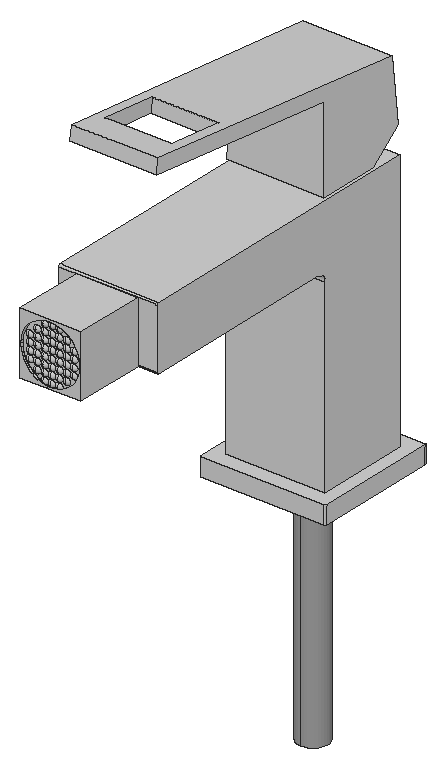
Revit family "Plumbing_Fixture-Grohe-Eurocube-Single_Pillar_Bidet_Mixer-12-METRIC", category Plumbing Fixtures, host Face, Revit 2012
Parameters (values of type "Eurocube_Bidet_Mixer-23138000")
  _distributed by = "www.bimstore.co.uk"
  _current revision = 1
  _created date = "September 2013"
  _created by = "Connor Laing"
  _BIMspec_GUID = 0
  Width = 34 mm  # constant formula
  Waste Connection = no
  WarrantyStartDate = ""
  WarrantyGuarantorParts = ""
  WarrantyGuarantorLabor = ""
  WarrantyDurationUnit = ""
  WarrantyDurationParts = ""
  WarrantyDurationLabor = ""
  WarrantyDuration = ""
  WarrantyDescription = ""
  Warranty Infomation = "N/A"
  WFU = 0
  Vent Connection = no
  Uniclass2 = ""
  URL = "www.grohe.com"
  Type Comments = "Pillar Tap, monobloc installation, metal lever, ceramic headpart"
  Test Pressure = "16 bar"
  Temp - Hot Water Supply (Recommended) = "60 deg C"
  Temp - Hot Water Supply = "max 80 deg C"
  TagNumber = 0
  Spare Parts List = "http://www.grohe.com/uk/5535/bathroom/tap-mixer/eurocube/product-details/?product=23138-G318&color=000&%7E%5Bajax%5D=2229"
  SerialNumber = 0
  ReplacementCost = ""
  Product Page URL = "http://www.grohe.com/uk/5535/bathroom/tap-mixer/eurocube/product-details/?product=23138-G318&color=000"
  Product Documentation Link = "http://cdn08.grohe.com/lib/1/tpi/1572474.pdf"
  Percentage of Recycled Content = 0
  Operating Pressure = "max 10 bar"
  Name = Model  # "Eurocube Bidet mixer 23138000"
  ModelNumber = Model  # "Eurocube Bidet mixer 23138000"
  Model = "Eurocube Bidet mixer 23138000"
  Mixed Water Radius = Connection Diameter / 2  # 5 mm
  Masterformat Title [instance] = "Residential Faucets, Supplies, and Trim"
  Masterformat Number [instance] = "22 41 39"
  Manufacturer = "Grohe AG"
  MaintenanceInformation = "http://cdn08.grohe.com/lib/1/tpi/1734224.pdf"
  Low Emitting Material = yes
  Length = 112 mm  # constant formula
  LEED Credit = ""
  Keynote = "N13"
  InstallationDate = ""
  Industry Standards = "N/A"
  Height = 139 mm  # constant formula
  HWFU = 4.5
  HW Connection = no
  Flow Rate = "5.4L/min"
  Flow Pressure = "min 1 bar/recommended 1-5bar"
  Faucet Material = Grohe-Chrome
  ExpectedLife = 0
  Ecojoy = no
  DurationUnit = ""
  Description = "For a sharp, tailored look in your bathroom choose Eurocube. Here is a design so cleverly engineered that we are able to offer an extensive choice featuring true square design for the basin, bidet, shower and bath. Across the range, cut-out detailing on the lever handles reduces the perceived volume of each piece, while highlighting the minimalist appeal of the collection. Perfectly aligned to the design needs of today’s cosmopolitan consumers, Eurocube offers cutting-edge, geometric styling at an unbeatable price. At the same time it benefits from two leading GROHE technologies: GROHE SilkMove® – for smooth and comfortable operation of single lever mixers and GROHE StarLight® – our resilient chrome finish."
  Default Elevation = 600 mm
  CreatedOn = ""
  CreatedBy = ""
  Cost = 0
  Contact Grohe = "GROHE Limited, World Business Centre 2, Newall Road, London Heathrow Airport, Hounslow, Middlesex, TW6 2SF - Tel: +44 (0) 871 200 3414 - Fax: +44 (0) 871 200 3415 - EMail: info-uk@grohe.com"
  Connection Diameter = 10 mm
  CWFU = 4.5
  CW Connection = no
  Barcode = 0
  AssetType = "Fixed"
  Assembly Code = "C1030220"
  AccessibilityPerformance = ""
  ADA Compliant = yes
Reference planes
  plane 1 "Center (Front/Back)": y = 0
  plane 2: z = 0
  plane 3 "Center (Left/Right)": x = 0
  plane 4: z = 0
  plane 5: z = -82.363
  plane 6: z = 139
  plane 7: z = 86
  plane 8: y = -112
Forms (mm)
  Extrusion 1, solid, material "Grohe-Chrome" <- "Faucet Material"
    sketch origin (-444.804, -4572, 0) x (-1, 0, 0) y (0, -1, 0)
      loop
        line (-465.804, -4593.5) -> (-423.804, -4593.5)
        arc (-423.804, -4593.5) -> (-423.451, -4593.354) -> (-423.304, -4593) r 0.5
        line (-423.304, -4593) -> (-423.304, -4551)
        arc (-423.304, -4551) -> (-423.451, -4550.646) -> (-423.804, -4550.5) r 0.5
        line (-423.804, -4550.5) -> (-465.804, -4550.5)
        arc (-465.804, -4550.5) -> (-466.158, -4550.646) -> (-466.304, -4551) r 0.5
        line (-466.304, -4551) -> (-466.304, -4593)
        arc (-466.304, -4593) -> (-466.158, -4593.354) -> (-465.804, -4593.5) r 0.5
    from 6 to 0
  Extrusion 2, solid, material "Grohe-Chrome" <- "Faucet Material", detail levels medium+fine
    sketch origin (0, 0, 0) x (0, 1, 0) y (0, 0, 1)
      loop
        line (16, 95.13) -> (-86.784, 95.13)
        arc (-86.784, 95.13) -> (-87.142, 94.982) -> (-87.29, 94.624) r 0.506
        line (-87.29, 94.624) -> (-87.29, 74.032)
        arc (-87.29, 74.032) -> (-87.137, 73.662) -> (-86.767, 73.508) r 0.523
        line (-86.767, 73.508) -> (-19.09, 73.508)
        arc (-19.09, 73.508) -> (-16.905, 72.603) -> (-16, 70.418) r 3.09
        line (-16, 70.418) -> (-16, 6) -> (16, 6) -> (16, 95.13)
    from 16.866 to -16.866
  Extrusion 3, solid, material "Grohe-Chrome"
    sketch origin (0, 0, 43.193) x (0, 1, 0) y (0, 0, 1)
      loop
        line (-85.115, 89.603) -> (-14.717, 81.138) -> (-16.134, 53.05) -> (4.768, 53.05) -> (15.774, 61.046) -> (14.65, 82.497) -> (-84.536, 94.422) -> (-85.115, 89.603)
    from 16.625 to -16.625
  Extrusion 4, void
    sketch origin (0, 0, 44.443) x (1, 0, 0) y (0, 0, 1)
      loop
        line (-16.625, 51.8) -> (-14.706, 93.425) -> (-16.625, 93.425) -> (-16.625, 51.8)
      loop
        line (16.625, 51.8) -> (16.625, 93.243) -> (14.715, 93.243) -> (16.625, 51.8)
    from 85.287 to -16
  Sweep 5, solid, material "Grohe-Pipework"
    path in 3D
      loop
        line (0, 0, 0) -> (0, 0, -82.363)
    profile origin (0, 0, -41.181) x (0, -1, 0) y (1, 0, 0)
      loop
        circle (0, 0) r 5
  Revolve 6, solid, material "Grohe-Chrome" <- "Faucet Material", detail levels medium+fine
    sketch origin (0, 0, -12.088) x (1, 0, 0) y (0, 0, 1)
      loop
        line (0, 114.899) -> (0, 107.13) -> (14.375, 107.13)
        arc (14.375, 107.13) -> (13.794, 111.179) -> (12.095, 114.899) r 14.375
        line (12.095, 114.899) -> (0, 114.899)
      axis (0, 114.899) -> (0, 107.13)
    angle from 0 to 360
  Extrusion 7, void
    sketch origin (0, 0, 0) x (0, 1, 0) y (0, 0, 1)
      loop
        line (-73.838, 142.62) -> (-75.761, 126.627) -> (-55.504, 124.191) -> (-53.581, 140.184) -> (-73.838, 142.62)
    from 11.431 to -11.431
  Extrusion 8, solid, material "Grohe-Chrome" <- "Faucet Material", detail levels medium+fine
    sketch origin (0, 0, 0) x (1, 0, 0) y (0, 0, 1)
      loop
        line (-10.404, 94.935) -> (-10.404, 73.798) -> (10.404, 73.798) -> (10.404, 94.935) -> (-10.404, 94.935)
    from 112 to 87.748
  Extrusion 9, void
    sketch origin (0, 0, 0) x (1, 0, 0) y (0, 0, 1)
      loop
        circle (0, 84.375) r 10.1
    from 112.565 to 111.315
  Revolve 10, solid, material "Grohe-Chrome", detail levels fine
    sketch origin (0, 0, -0.156) x (0, 1, 0) y (0, 0, 1)
      loop
        arc (-112, 93.333) -> (-111.632, 92.445) -> (-110.744, 92.077) r 1.256
        line (-110.744, 92.077) -> (-110.744, 93.333) -> (-112, 93.333)
      axis (-110.744, 93.333) -> (-112, 93.333)
    angle from 0 to 360
  Revolve 11, solid, material "Grohe-Chrome", detail levels fine
    sketch origin (0, 0, -2.815) x (0, 1, 0) y (0, 0, 1)
      loop
        arc (-112, 93.333) -> (-111.632, 92.445) -> (-110.744, 92.077) r 1.256
        line (-110.744, 92.077) -> (-110.744, 93.333) -> (-112, 93.333)
      axis (-110.744, 93.333) -> (-112, 93.333)
    angle from 0 to 360
  Revolve 12, solid, material "Grohe-Chrome", detail levels fine
    sketch origin (0, 0, -5.328) x (0, 1, 0) y (0, 0, 1)
      loop
        arc (-112, 93.333) -> (-111.632, 92.445) -> (-110.744, 92.077) r 1.256
        line (-110.744, 92.077) -> (-110.744, 93.333) -> (-112, 93.333)
      axis (-110.744, 93.333) -> (-112, 93.333)
    angle from 0 to 360
  Revolve 13, solid, material "Grohe-Chrome", detail levels fine
    sketch origin (0, 0, -7.841) x (0, 1, 0) y (0, 0, 1)
      loop
        arc (-112, 93.333) -> (-111.632, 92.445) -> (-110.744, 92.077) r 1.256
        line (-110.744, 92.077) -> (-110.744, 93.333) -> (-112, 93.333)
      axis (-110.744, 93.333) -> (-112, 93.333)
    angle from 0 to 360
  Revolve 14, solid, material "Grohe-Chrome", detail levels fine
    sketch origin (0, 0, -10.499) x (0, 1, 0) y (0, 0, 1)
      loop
        arc (-112, 93.333) -> (-111.632, 92.445) -> (-110.744, 92.077) r 1.256
        line (-110.744, 92.077) -> (-110.744, 93.333) -> (-112, 93.333)
      axis (-110.744, 93.333) -> (-112, 93.333)
    angle from 0 to 360
  Revolve 15, solid, material "Grohe-Chrome", detail levels fine
    sketch origin (0, 0, -13.012) x (0, 1, 0) y (0, 0, 1)
      loop
        arc (-112, 93.333) -> (-111.632, 92.445) -> (-110.744, 92.077) r 1.256
        line (-110.744, 92.077) -> (-110.744, 93.333) -> (-112, 93.333)
      axis (-110.744, 93.333) -> (-112, 93.333)
    angle from 0 to 360
  Revolve 16, solid, material "Grohe-Chrome", detail levels fine
    sketch origin (0, 0, -15.525) x (0, 1, 0) y (0, 0, 1)
      loop
        arc (-112, 93.333) -> (-111.632, 92.445) -> (-110.744, 92.077) r 1.256
        line (-110.744, 92.077) -> (-110.744, 93.333) -> (-112, 93.333)
      axis (-110.744, 93.333) -> (-112, 93.333)
    angle from 0 to 360
  Revolve 17, solid, material "Grohe-Chrome", detail levels fine
    sketch origin (0, 0, -18.038) x (0, 1, 0) y (0, 0, 1)
      loop
        arc (-112, 93.333) -> (-111.632, 92.445) -> (-110.744, 92.077) r 1.256
        line (-110.744, 92.077) -> (-110.744, 93.333) -> (-112, 93.333)
      axis (-110.744, 93.333) -> (-112, 93.333)
    angle from 0 to 360
  Revolve 18, solid, material "Grohe-Chrome", detail levels fine
    sketch origin (-2.513, 0, -10.499) x (0, 1, 0) y (0, 0, 1)
      loop
        arc (-112, 93.333) -> (-111.632, 92.445) -> (-110.744, 92.077) r 1.256
        line (-110.744, 92.077) -> (-110.744, 93.333) -> (-112, 93.333)
      axis (-110.744, 93.333) -> (-112, 93.333)
    angle from 0 to 360
  Revolve 19, solid, material "Grohe-Chrome", detail levels fine
    sketch origin (-2.513, 0, -13.012) x (0, 1, 0) y (0, 0, 1)
      loop
        arc (-112, 93.333) -> (-111.632, 92.445) -> (-110.744, 92.077) r 1.256
        line (-110.744, 92.077) -> (-110.744, 93.333) -> (-112, 93.333)
      axis (-110.744, 93.333) -> (-112, 93.333)
    angle from 0 to 360
  Revolve 20, solid, material "Grohe-Chrome", detail levels fine
    sketch origin (-2.513, 0, -15.525) x (0, 1, 0) y (0, 0, 1)
      loop
        arc (-112, 93.333) -> (-111.632, 92.445) -> (-110.744, 92.077) r 1.256
        line (-110.744, 92.077) -> (-110.744, 93.333) -> (-112, 93.333)
      axis (-110.744, 93.333) -> (-112, 93.333)
    angle from 0 to 360
  Revolve 21, solid, material "Grohe-Chrome", detail levels fine
    sketch origin (-5.026, 0, -10.499) x (0, 1, 0) y (0, 0, 1)
      loop
        arc (-112, 93.333) -> (-111.632, 92.445) -> (-110.744, 92.077) r 1.256
        line (-110.744, 92.077) -> (-110.744, 93.333) -> (-112, 93.333)
      axis (-110.744, 93.333) -> (-112, 93.333)
    angle from 0 to 360
  Revolve 22, solid, material "Grohe-Chrome", detail levels fine
    sketch origin (-5.026, 0, -13.012) x (0, 1, 0) y (0, 0, 1)
      loop
        arc (-112, 93.333) -> (-111.632, 92.445) -> (-110.744, 92.077) r 1.256
        line (-110.744, 92.077) -> (-110.744, 93.333) -> (-112, 93.333)
      axis (-110.744, 93.333) -> (-112, 93.333)
    angle from 0 to 360
  Revolve 23, solid, material "Grohe-Chrome", detail levels fine
    sketch origin (-5.026, 0, -15.525) x (0, 1, 0) y (0, 0, 1)
      loop
        arc (-112, 93.333) -> (-111.632, 92.445) -> (-110.744, 92.077) r 1.256
        line (-110.744, 92.077) -> (-110.744, 93.333) -> (-112, 93.333)
      axis (-110.744, 93.333) -> (-112, 93.333)
    angle from 0 to 360
  Revolve 24, solid, material "Grohe-Chrome", detail levels fine
    sketch origin (-7.539, 0, -7.986) x (0, 1, 0) y (0, 0, 1)
      loop
        arc (-112, 93.333) -> (-111.632, 92.445) -> (-110.744, 92.077) r 1.256
        line (-110.744, 92.077) -> (-110.744, 93.333) -> (-112, 93.333)
      axis (-110.744, 93.333) -> (-112, 93.333)
    angle from 0 to 360
  Revolve 25, solid, material "Grohe-Chrome", detail levels fine
    sketch origin (-7.539, 0, -10.499) x (0, 1, 0) y (0, 0, 1)
      loop
        arc (-112, 93.333) -> (-111.632, 92.445) -> (-110.744, 92.077) r 1.256
        line (-110.744, 92.077) -> (-110.744, 93.333) -> (-112, 93.333)
      axis (-110.744, 93.333) -> (-112, 93.333)
    angle from 0 to 360
  Revolve 26, solid, material "Grohe-Chrome", detail levels fine
    sketch origin (-7.539, 0, -13.012) x (0, 1, 0) y (0, 0, 1)
      loop
        arc (-112, 93.333) -> (-111.632, 92.445) -> (-110.744, 92.077) r 1.256
        line (-110.744, 92.077) -> (-110.744, 93.333) -> (-112, 93.333)
      axis (-110.744, 93.333) -> (-112, 93.333)
    angle from 0 to 360
  Revolve 27, solid, material "Grohe-Chrome", detail levels fine
    sketch origin (-5.026, 0, -2.96) x (0, 1, 0) y (0, 0, 1)
      loop
        arc (-112, 93.333) -> (-111.632, 92.445) -> (-110.744, 92.077) r 1.256
        line (-110.744, 92.077) -> (-110.744, 93.333) -> (-112, 93.333)
      axis (-110.744, 93.333) -> (-112, 93.333)
    angle from 0 to 360
  Revolve 28, solid, material "Grohe-Chrome", detail levels fine
    sketch origin (-5.026, 0, -5.473) x (0, 1, 0) y (0, 0, 1)
      loop
        arc (-112, 93.333) -> (-111.632, 92.445) -> (-110.744, 92.077) r 1.256
        line (-110.744, 92.077) -> (-110.744, 93.333) -> (-112, 93.333)
      axis (-110.744, 93.333) -> (-112, 93.333)
    angle from 0 to 360
  Revolve 29, solid, material "Grohe-Chrome", detail levels fine
    sketch origin (-5.026, 0, -7.986) x (0, 1, 0) y (0, 0, 1)
      loop
        arc (-112, 93.333) -> (-111.632, 92.445) -> (-110.744, 92.077) r 1.256
        line (-110.744, 92.077) -> (-110.744, 93.333) -> (-112, 93.333)
      axis (-110.744, 93.333) -> (-112, 93.333)
    angle from 0 to 360
  Revolve 30, solid, material "Grohe-Chrome", detail levels fine
    sketch origin (-2.513, 0, -2.96) x (0, 1, 0) y (0, 0, 1)
      loop
        arc (-112, 93.333) -> (-111.632, 92.445) -> (-110.744, 92.077) r 1.256
        line (-110.744, 92.077) -> (-110.744, 93.333) -> (-112, 93.333)
      axis (-110.744, 93.333) -> (-112, 93.333)
    angle from 0 to 360
  Revolve 31, solid, material "Grohe-Chrome", detail levels fine
    sketch origin (-2.513, 0, -5.473) x (0, 1, 0) y (0, 0, 1)
      loop
        arc (-112, 93.333) -> (-111.632, 92.445) -> (-110.744, 92.077) r 1.256
        line (-110.744, 92.077) -> (-110.744, 93.333) -> (-112, 93.333)
      axis (-110.744, 93.333) -> (-112, 93.333)
    angle from 0 to 360
  Revolve 32, solid, material "Grohe-Chrome", detail levels fine
    sketch origin (-2.513, 0, -7.986) x (0, 1, 0) y (0, 0, 1)
      loop
        arc (-112, 93.333) -> (-111.632, 92.445) -> (-110.744, 92.077) r 1.256
        line (-110.744, 92.077) -> (-110.744, 93.333) -> (-112, 93.333)
      axis (-110.744, 93.333) -> (-112, 93.333)
    angle from 0 to 360
  Revolve 33, solid, material "Grohe-Chrome", detail levels fine
    sketch origin (2.513, 0, -10.499) x (0, 1, 0) y (0, 0, 1)
      loop
        arc (-112, 93.333) -> (-111.632, 92.445) -> (-110.744, 92.077) r 1.256
        line (-110.744, 92.077) -> (-110.744, 93.333) -> (-112, 93.333)
      axis (-110.744, 93.333) -> (-112, 93.333)
    angle from 0 to 360
  Revolve 34, solid, material "Grohe-Chrome", detail levels fine
    sketch origin (2.513, 0, -13.012) x (0, 1, 0) y (0, 0, 1)
      loop
        arc (-112, 93.333) -> (-111.632, 92.445) -> (-110.744, 92.077) r 1.256
        line (-110.744, 92.077) -> (-110.744, 93.333) -> (-112, 93.333)
      axis (-110.744, 93.333) -> (-112, 93.333)
    angle from 0 to 360
  Revolve 35, solid, material "Grohe-Chrome", detail levels fine
    sketch origin (2.513, 0, -15.525) x (0, 1, 0) y (0, 0, 1)
      loop
        arc (-112, 93.333) -> (-111.632, 92.445) -> (-110.744, 92.077) r 1.256
        line (-110.744, 92.077) -> (-110.744, 93.333) -> (-112, 93.333)
      axis (-110.744, 93.333) -> (-112, 93.333)
    angle from 0 to 360
  Revolve 36, solid, material "Grohe-Chrome", detail levels fine
    sketch origin (5.026, 0, -10.499) x (0, 1, 0) y (0, 0, 1)
      loop
        arc (-112, 93.333) -> (-111.632, 92.445) -> (-110.744, 92.077) r 1.256
        line (-110.744, 92.077) -> (-110.744, 93.333) -> (-112, 93.333)
      axis (-110.744, 93.333) -> (-112, 93.333)
    angle from 0 to 360
  Revolve 37, solid, material "Grohe-Chrome", detail levels fine
    sketch origin (5.026, 0, -13.012) x (0, 1, 0) y (0, 0, 1)
      loop
        arc (-112, 93.333) -> (-111.632, 92.445) -> (-110.744, 92.077) r 1.256
        line (-110.744, 92.077) -> (-110.744, 93.333) -> (-112, 93.333)
      axis (-110.744, 93.333) -> (-112, 93.333)
    angle from 0 to 360
  Revolve 38, solid, material "Grohe-Chrome", detail levels fine
    sketch origin (5.026, 0, -15.525) x (0, 1, 0) y (0, 0, 1)
      loop
        arc (-112, 93.333) -> (-111.632, 92.445) -> (-110.744, 92.077) r 1.256
        line (-110.744, 92.077) -> (-110.744, 93.333) -> (-112, 93.333)
      axis (-110.744, 93.333) -> (-112, 93.333)
    angle from 0 to 360
  Revolve 39, solid, material "Grohe-Chrome", detail levels fine
    sketch origin (7.539, 0, -7.986) x (0, 1, 0) y (0, 0, 1)
      loop
        arc (-112, 93.333) -> (-111.632, 92.445) -> (-110.744, 92.077) r 1.256
        line (-110.744, 92.077) -> (-110.744, 93.333) -> (-112, 93.333)
      axis (-110.744, 93.333) -> (-112, 93.333)
    angle from 0 to 360
  Revolve 40, solid, material "Grohe-Chrome", detail levels fine
    sketch origin (7.539, 0, -10.499) x (0, 1, 0) y (0, 0, 1)
      loop
        arc (-112, 93.333) -> (-111.632, 92.445) -> (-110.744, 92.077) r 1.256
        line (-110.744, 92.077) -> (-110.744, 93.333) -> (-112, 93.333)
      axis (-110.744, 93.333) -> (-112, 93.333)
    angle from 0 to 360
  Revolve 41, solid, material "Grohe-Chrome", detail levels fine
    sketch origin (7.539, 0, -13.012) x (0, 1, 0) y (0, 0, 1)
      loop
        arc (-112, 93.333) -> (-111.632, 92.445) -> (-110.744, 92.077) r 1.256
        line (-110.744, 92.077) -> (-110.744, 93.333) -> (-112, 93.333)
      axis (-110.744, 93.333) -> (-112, 93.333)
    angle from 0 to 360
  Revolve 42, solid, material "Grohe-Chrome", detail levels fine
    sketch origin (5.026, 0, -2.973) x (0, 1, 0) y (0, 0, 1)
      loop
        arc (-112, 93.333) -> (-111.632, 92.445) -> (-110.744, 92.077) r 1.256
        line (-110.744, 92.077) -> (-110.744, 93.333) -> (-112, 93.333)
      axis (-110.744, 93.333) -> (-112, 93.333)
    angle from 0 to 360
  Revolve 43, solid, material "Grohe-Chrome", detail levels fine
    sketch origin (5.026, 0, -5.486) x (0, 1, 0) y (0, 0, 1)
      loop
        arc (-112, 93.333) -> (-111.632, 92.445) -> (-110.744, 92.077) r 1.256
        line (-110.744, 92.077) -> (-110.744, 93.333) -> (-112, 93.333)
      axis (-110.744, 93.333) -> (-112, 93.333)
    angle from 0 to 360
  Revolve 44, solid, material "Grohe-Chrome", detail levels fine
    sketch origin (5.026, 0, -7.999) x (0, 1, 0) y (0, 0, 1)
      loop
        arc (-112, 93.333) -> (-111.632, 92.445) -> (-110.744, 92.077) r 1.256
        line (-110.744, 92.077) -> (-110.744, 93.333) -> (-112, 93.333)
      axis (-110.744, 93.333) -> (-112, 93.333)
    angle from 0 to 360
  Revolve 45, solid, material "Grohe-Chrome", detail levels fine
    sketch origin (2.513, 0, -2.973) x (0, 1, 0) y (0, 0, 1)
      loop
        arc (-112, 93.333) -> (-111.632, 92.445) -> (-110.744, 92.077) r 1.256
        line (-110.744, 92.077) -> (-110.744, 93.333) -> (-112, 93.333)
      axis (-110.744, 93.333) -> (-112, 93.333)
    angle from 0 to 360
  Revolve 46, solid, material "Grohe-Chrome", detail levels fine
    sketch origin (2.513, 0, -5.486) x (0, 1, 0) y (0, 0, 1)
      loop
        arc (-112, 93.333) -> (-111.632, 92.445) -> (-110.744, 92.077) r 1.256
        line (-110.744, 92.077) -> (-110.744, 93.333) -> (-112, 93.333)
      axis (-110.744, 93.333) -> (-112, 93.333)
    angle from 0 to 360
  Revolve 47, solid, material "Grohe-Chrome", detail levels fine
    sketch origin (2.513, 0, -7.999) x (0, 1, 0) y (0, 0, 1)
      loop
        arc (-112, 93.333) -> (-111.632, 92.445) -> (-110.744, 92.077) r 1.256
        line (-110.744, 92.077) -> (-110.744, 93.333) -> (-112, 93.333)
      axis (-110.744, 93.333) -> (-112, 93.333)
    angle from 0 to 360
  Revolve 48, solid, material "Grohe-Chrome", detail levels fine
    sketch origin (-7.539, 0, -5.473) x (0, 1, 0) y (0, 0, 1)
      loop
        arc (-112, 93.333) -> (-111.632, 92.445) -> (-110.744, 92.077) r 1.256
        line (-110.744, 92.077) -> (-110.744, 93.333) -> (-112, 93.333)
      axis (-110.744, 93.333) -> (-112, 93.333)
    angle from 0 to 360
  Revolve 49, solid, material "Grohe-Chrome", detail levels fine
    sketch origin (7.539, 0, -5.486) x (0, 1, 0) y (0, 0, 1)
      loop
        arc (-112, 93.333) -> (-111.632, 92.445) -> (-110.744, 92.077) r 1.256
        line (-110.744, 92.077) -> (-110.744, 93.333) -> (-112, 93.333)
      axis (-110.744, 93.333) -> (-112, 93.333)
    angle from 0 to 360
  Revolve 50, solid, material "Grohe-Chrome", detail levels fine
    sketch origin (-2.513, 0, -0.447) x (0, 1, 0) y (0, 0, 1)
      loop
        arc (-112, 93.333) -> (-111.632, 92.445) -> (-110.744, 92.077) r 1.256
        line (-110.744, 92.077) -> (-110.744, 93.333) -> (-112, 93.333)
      axis (-110.744, 93.333) -> (-112, 93.333)
    angle from 0 to 360
  Revolve 51, solid, material "Grohe-Chrome", detail levels fine
    sketch origin (-2.513, 0, -18.038) x (0, 1, 0) y (0, 0, 1)
      loop
        arc (-112, 93.333) -> (-111.632, 92.445) -> (-110.744, 92.077) r 1.256
        line (-110.744, 92.077) -> (-110.744, 93.333) -> (-112, 93.333)
      axis (-110.744, 93.333) -> (-112, 93.333)
    angle from 0 to 360
  Revolve 52, solid, material "Grohe-Chrome", detail levels fine
    sketch origin (2.513, 0, -18.038) x (0, 1, 0) y (0, 0, 1)
      loop
        arc (-112, 93.333) -> (-111.632, 92.445) -> (-110.744, 92.077) r 1.256
        line (-110.744, 92.077) -> (-110.744, 93.333) -> (-112, 93.333)
      axis (-110.744, 93.333) -> (-112, 93.333)
    angle from 0 to 360
  Revolve 53, solid, material "Grohe-Chrome", detail levels fine
    sketch origin (2.513, 0, -0.429) x (0, 1, 0) y (0, 0, 1)
      loop
        arc (-112, 93.333) -> (-111.632, 92.445) -> (-110.744, 92.077) r 1.256
        line (-110.744, 92.077) -> (-110.744, 93.333) -> (-112, 93.333)
      axis (-110.744, 93.333) -> (-112, 93.333)
    angle from 0 to 360
  Revolve 54, solid, material "Grohe-Chrome" <- "Faucet Material", detail levels medium+fine
    sketch origin (0, 0, 0) x (0, 1, 0) y (0, 0, 1)
      loop
        line (-82.748, 86) -> (-82.748, 91) -> (-93.575, 91) -> (-93.575, 86) -> (-82.748, 86)
      axis (-82.748, 86) -> (-93.575, 86)
    angle from 0 to 360
Cuts and joins
  Extrusion 9 cuts Extrusion 2
  Extrusion 9 cuts Revolve 6
  Extrusion 9 cuts Extrusion 8
  joined: Extrusion 2, Revolve 6, Extrusion 8, Revolve 54
  Extrusion 4, Extrusion 7 cuts Extrusion 3
Lines and regions (mm)
  reference lines
    curve 1: line (0, 0, 0) -> (0, 0, -82.363)
  symbolic lines, style "PlumbingFixturesHiddenLines"
    curve 2: line (0, 60, 153.7) -> (0, -60, 153.7)
    curve 3: line (-63.338, 0, 153.7) -> (63.338, 0, 153.7)
  sketch lines
    curve 4: line (0, 0, 0) -> (0, 0, -82.363)
Dimensions and locks
  level to plane 5 = 82.363 mm
  plane 6 to host face = 139 mm
  plane 7 to host face = 86 mm
  plane 1 "Center (Front/Back)" to plane 8 = 112 mm
  equal spacing: Extrusion 8 sketch curve, plane 3 "Center (Left/Right)", Extrusion 8 sketch curve
  "Mixed Water Radius": radius of Sweep 5 sketch curve
  aligned and locked: plane 2 to host face
  aligned and locked: level to host face
  aligned and locked: plane 5 to curve 1
  aligned and locked: curve 1 to plane 3 "Center (Left/Right)"
  aligned and locked: plane 8 to Extrusion 8
Automatic sketch dimensions
  host sketch curve to host sketch curve = 2438.4 mm  (x2)
  curve 2 to plane 3 "Center (Left/Right)" = 0 mm
  plane 1 "Center (Front/Back)" to curve 3 = 0 mm
  curve 2 to plane 8 = 52 mm
  curve 2 to plane 1 "Center (Front/Back)" = 60 mm
  plane 3 "Center (Left/Right)" to curve 3 = 63.338 mm
  curve 3 to plane 3 "Center (Left/Right)" = 63.338 mm
  curve 1 to level = 0 mm
  plane 3 "Center (Left/Right)" to Extrusion 1 sketch curve = 21.5 mm
  Extrusion 1 sketch curve to Extrusion 1 sketch curve = 0.5 mm  (x3)
  Extrusion 1 sketch curve to plane 3 "Center (Left/Right)" = 21 mm  (x2)
  Extrusion 1 sketch curve to plane 1 "Center (Front/Back)" = 21.5 mm
  plane 1 "Center (Front/Back)" to Extrusion 1 sketch curve = 21 mm
  Extrusion 2 sketch curve to plane 8 = 24.71 mm
  Extrusion 2 sketch curve to Extrusion 2 sketch curve = 0.506 mm
  Extrusion 2 sketch curve to Extrusion 2 sketch curve = 0.523 mm
  plane 1 "Center (Front/Back)" to Extrusion 2 sketch curve = 19.09 mm
  level to Extrusion 2 sketch curve = 6 mm
  plane 1 "Center (Front/Back)" to Extrusion 2 sketch curve = 16 mm
  Extrusion 2 sketch curve to plane 1 "Center (Front/Back)" = 16 mm
  Extrusion 2 sketch curve to plane 7 = 15.582 mm
  plane 7 to Extrusion 2 sketch curve = 8.624 mm
  Extrusion 3 sketch curve to plane 6 = 6.204 mm
  Extrusion 3 sketch curve to plane 8 = 26.885 mm
  Extrusion 3 sketch curve to plane 6 = 1.384 mm
  Extrusion 3 sketch curve to Extrusion 3 sketch curve = 0.58 mm
  plane 1 "Center (Front/Back)" to Extrusion 3 sketch curve = 16.134 mm
  Extrusion 3 sketch curve to plane 6 = 14.668 mm
  Extrusion 3 sketch curve to plane 1 "Center (Front/Back)" = 4.768 mm
  Extrusion 3 sketch curve to plane 6 = 13.31 mm
  Extrusion 3 sketch curve to Extrusion 3 sketch curve = 11.006 mm
  plane 7 to Extrusion 3 sketch curve = 18.24 mm
  plane 7 to Extrusion 3 sketch curve = 10.243 mm
  Extrusion 4 sketch curve to plane 3 "Center (Left/Right)" = 16.625 mm
  Extrusion 4 sketch curve to plane 6 = 1.132 mm
  Extrusion 4 sketch curve to Extrusion 4 sketch curve = 1.919 mm
  Extrusion 4 sketch curve to plane 6 = 1.314 mm
  plane 3 "Center (Left/Right)" to Extrusion 4 sketch curve = 14.715 mm
  plane 3 "Center (Left/Right)" to Extrusion 4 sketch curve = 16.625 mm
  plane 7 to Extrusion 4 sketch curve = 10.243 mm  (x2)
  Sweep 5 sketch curve to profile plane = 0 mm
  profile plane to Sweep 5 sketch curve = 0 mm
  Revolve 6 sketch curve to plane 3 "Center (Left/Right)" = 0 mm  (x3)
  plane 3 "Center (Left/Right)" to Revolve 6 sketch curve = 12.095 mm
  Revolve 6 sketch curve to Revolve 6 sketch curve = 2.28 mm
  Revolve 6 sketch curve to plane 5 = 539.325 mm
  plane 7 to Revolve 6 sketch curve = 9.042 mm
  plane 6 to Revolve 6 sketch curve = 2439.97 mm
  Extrusion 7 sketch curve to plane 6 = 12.373 mm
  Extrusion 7 sketch curve to plane 8 = 36.239 mm
  plane 6 to Extrusion 7 sketch curve = 3.62 mm
  Extrusion 7 sketch curve to Extrusion 7 sketch curve = 1.923 mm
  Extrusion 7 sketch curve to plane 6 = 14.809 mm
  Extrusion 8 sketch curve to plane 3 "Center (Left/Right)" = 10.404 mm
  Extrusion 8 sketch curve to plane 7 = 12.202 mm
  plane 7 to Extrusion 8 sketch curve = 8.935 mm
  Extrusion 9 sketch curve to plane 3 "Center (Left/Right)" = 0 mm
  Extrusion 9 sketch curve to plane 7 = 1.625 mm
  Revolve 10 sketch curve to plane 8 = 0 mm
  plane 8 to Revolve 10 sketch curve = 0.843 mm
  Revolve 10 sketch curve to plane 8 = 1.256 mm
  Revolve 10 sketch curve to Revolve 10 sketch curve = 0.649 mm
  plane 7 to Revolve 10 sketch curve = 5.921 mm
  Revolve 10 sketch curve to Revolve 10 sketch curve = 0 mm
  Revolve 11 sketch curve to plane 8 = 0 mm
  Revolve 11 sketch curve to Revolve 11 sketch curve = 0.843 mm
  Revolve 11 sketch curve to plane 8 = 1.256 mm
  Revolve 11 sketch curve to Revolve 11 sketch curve = 0.649 mm
  plane 7 to Revolve 11 sketch curve = 3.262 mm
  Revolve 11 sketch curve to Revolve 11 sketch curve = 0 mm
  Revolve 12 sketch curve to plane 8 = 0 mm
  Revolve 12 sketch curve to Revolve 12 sketch curve = 0.843 mm
  Revolve 12 sketch curve to plane 8 = 1.256 mm
  Revolve 12 sketch curve to Revolve 12 sketch curve = 0.649 mm
  plane 7 to Revolve 12 sketch curve = 0.749 mm
  Revolve 12 sketch curve to Revolve 12 sketch curve = 0 mm
  Revolve 13 sketch curve to plane 8 = 0 mm
  plane 8 to Revolve 13 sketch curve = 0.843 mm
  Revolve 13 sketch curve to plane 8 = 1.256 mm
  Revolve 13 sketch curve to Revolve 13 sketch curve = 0.649 mm
  Revolve 13 sketch curve to plane 7 = 1.764 mm
  Revolve 13 sketch curve to plane 7 = 0.507 mm
  Revolve 14 sketch curve to plane 8 = 0 mm
  plane 8 to Revolve 14 sketch curve = 0.843 mm
  Revolve 14 sketch curve to plane 8 = 1.256 mm
  Revolve 14 sketch curve to Revolve 14 sketch curve = 0.649 mm
  Revolve 14 sketch curve to plane 7 = 4.422 mm
  Revolve 14 sketch curve to Revolve 14 sketch curve = 0 mm
  Revolve 15 sketch curve to plane 8 = 0 mm
  plane 8 to Revolve 15 sketch curve = 0.843 mm
  Revolve 15 sketch curve to plane 8 = 1.256 mm
  Revolve 15 sketch curve to Revolve 15 sketch curve = 0.649 mm
  Revolve 15 sketch curve to plane 7 = 6.935 mm
  Revolve 15 sketch curve to Revolve 15 sketch curve = 0 mm
  Revolve 16 sketch curve to plane 8 = 0 mm
  Revolve 16 sketch curve to Revolve 16 sketch curve = 0.843 mm
  Revolve 16 sketch curve to plane 8 = 1.256 mm
  Revolve 16 sketch curve to Revolve 16 sketch curve = 0.649 mm
  Revolve 16 sketch curve to plane 7 = 9.448 mm
  Revolve 16 sketch curve to Revolve 16 sketch curve = 0 mm
  Revolve 17 sketch curve to plane 8 = 0 mm
  Revolve 17 sketch curve to Revolve 17 sketch curve = 0.843 mm
  Revolve 17 sketch curve to plane 8 = 1.256 mm
  Revolve 17 sketch curve to Revolve 17 sketch curve = 0.649 mm
  Revolve 17 sketch curve to plane 7 = 11.961 mm
  Revolve 17 sketch curve to Revolve 17 sketch curve = 0 mm
  Revolve 18 sketch curve to plane 8 = 0 mm
  plane 8 to Revolve 18 sketch curve = 0.843 mm
  Revolve 18 sketch curve to plane 8 = 1.256 mm
  Revolve 18 sketch curve to Revolve 18 sketch curve = 0.649 mm
  Revolve 18 sketch curve to plane 7 = 4.422 mm
  Revolve 18 sketch curve to Revolve 18 sketch curve = 0 mm
  Revolve 19 sketch curve to plane 8 = 0 mm
  plane 8 to Revolve 19 sketch curve = 0.843 mm
  Revolve 19 sketch curve to plane 8 = 1.256 mm
  Revolve 19 sketch curve to Revolve 19 sketch curve = 0.649 mm
  Revolve 19 sketch curve to plane 7 = 6.935 mm
  Revolve 19 sketch curve to Revolve 19 sketch curve = 0 mm
  Revolve 20 sketch curve to plane 8 = 0 mm
  Revolve 20 sketch curve to Revolve 20 sketch curve = 0.843 mm
  Revolve 20 sketch curve to plane 8 = 1.256 mm
  Revolve 20 sketch curve to Revolve 20 sketch curve = 0.649 mm
  Revolve 20 sketch curve to plane 7 = 9.448 mm
  Revolve 20 sketch curve to Revolve 20 sketch curve = 0 mm
  Revolve 21 sketch curve to plane 8 = 0 mm
  plane 8 to Revolve 21 sketch curve = 0.843 mm
  Revolve 21 sketch curve to plane 8 = 1.256 mm
  Revolve 21 sketch curve to Revolve 21 sketch curve = 0.649 mm
  Revolve 21 sketch curve to plane 7 = 4.422 mm
  Revolve 21 sketch curve to Revolve 21 sketch curve = 0 mm
  Revolve 22 sketch curve to plane 8 = 0 mm
  plane 8 to Revolve 22 sketch curve = 0.843 mm
  Revolve 22 sketch curve to plane 8 = 1.256 mm
  Revolve 22 sketch curve to Revolve 22 sketch curve = 0.649 mm
  Revolve 22 sketch curve to plane 7 = 6.935 mm
  Revolve 22 sketch curve to Revolve 22 sketch curve = 0 mm
  Revolve 23 sketch curve to plane 8 = 0 mm
  Revolve 23 sketch curve to Revolve 23 sketch curve = 0.843 mm
  Revolve 23 sketch curve to plane 8 = 1.256 mm
  Revolve 23 sketch curve to Revolve 23 sketch curve = 0.649 mm
  Revolve 23 sketch curve to plane 7 = 9.448 mm
  Revolve 23 sketch curve to Revolve 23 sketch curve = 0 mm
  Revolve 24 sketch curve to plane 8 = 0 mm
  plane 8 to Revolve 24 sketch curve = 0.843 mm
  Revolve 24 sketch curve to plane 8 = 1.256 mm
  Revolve 24 sketch curve to Revolve 24 sketch curve = 0.649 mm
  Revolve 24 sketch curve to plane 7 = 1.909 mm
  Revolve 24 sketch curve to plane 7 = 0.653 mm
  Revolve 25 sketch curve to plane 8 = 0 mm
  plane 8 to Revolve 25 sketch curve = 0.843 mm
  Revolve 25 sketch curve to plane 8 = 1.256 mm
  Revolve 25 sketch curve to Revolve 25 sketch curve = 0.649 mm
  Revolve 25 sketch curve to plane 7 = 4.422 mm
  Revolve 25 sketch curve to Revolve 25 sketch curve = 0 mm
  Revolve 26 sketch curve to plane 8 = 0 mm
  plane 8 to Revolve 26 sketch curve = 0.843 mm
  Revolve 26 sketch curve to plane 8 = 1.256 mm
  Revolve 26 sketch curve to Revolve 26 sketch curve = 0.649 mm
  Revolve 26 sketch curve to plane 7 = 6.935 mm
  Revolve 26 sketch curve to Revolve 26 sketch curve = 0 mm
  Revolve 27 sketch curve to plane 8 = 0 mm
  plane 8 to Revolve 27 sketch curve = 0.843 mm
  Revolve 27 sketch curve to plane 8 = 1.256 mm
  Revolve 27 sketch curve to Revolve 27 sketch curve = 0.649 mm
  plane 7 to Revolve 27 sketch curve = 3.117 mm
  Revolve 27 sketch curve to Revolve 27 sketch curve = 0 mm
  Revolve 28 sketch curve to plane 8 = 0 mm
  plane 8 to Revolve 28 sketch curve = 0.843 mm
  plane 7 to Revolve 28 sketch curve = 0.604 mm
  Revolve 28 sketch curve to plane 8 = 1.256 mm
  Revolve 28 sketch curve to Revolve 28 sketch curve = 0.649 mm
  Revolve 28 sketch curve to Revolve 28 sketch curve = 0 mm
  Revolve 29 sketch curve to plane 8 = 0 mm
  plane 8 to Revolve 29 sketch curve = 0.843 mm
  Revolve 29 sketch curve to plane 8 = 1.256 mm
  Revolve 29 sketch curve to Revolve 29 sketch curve = 0.649 mm
  Revolve 29 sketch curve to plane 7 = 1.909 mm
  Revolve 29 sketch curve to plane 7 = 0.653 mm
  Revolve 30 sketch curve to plane 8 = 0 mm
  plane 8 to Revolve 30 sketch curve = 0.843 mm
  Revolve 30 sketch curve to plane 8 = 1.256 mm
  Revolve 30 sketch curve to Revolve 30 sketch curve = 0.649 mm
  plane 7 to Revolve 30 sketch curve = 3.117 mm
  Revolve 30 sketch curve to Revolve 30 sketch curve = 0 mm
  Revolve 31 sketch curve to plane 8 = 0 mm
  plane 8 to Revolve 31 sketch curve = 0.843 mm
  plane 7 to Revolve 31 sketch curve = 0.604 mm
  Revolve 31 sketch curve to plane 8 = 1.256 mm
  Revolve 31 sketch curve to Revolve 31 sketch curve = 0.649 mm
  Revolve 31 sketch curve to Revolve 31 sketch curve = 0 mm
  Revolve 32 sketch curve to plane 8 = 0 mm
  plane 8 to Revolve 32 sketch curve = 0.843 mm
  Revolve 32 sketch curve to plane 8 = 1.256 mm
  Revolve 32 sketch curve to Revolve 32 sketch curve = 0.649 mm
  Revolve 32 sketch curve to plane 7 = 1.909 mm
  Revolve 32 sketch curve to plane 7 = 0.653 mm
  Revolve 33 sketch curve to plane 8 = 0 mm
  plane 8 to Revolve 33 sketch curve = 0.843 mm
  Revolve 33 sketch curve to plane 8 = 1.256 mm
  Revolve 33 sketch curve to Revolve 33 sketch curve = 0.649 mm
  Revolve 33 sketch curve to plane 7 = 4.422 mm
  Revolve 33 sketch curve to Revolve 33 sketch curve = 0 mm
  Revolve 34 sketch curve to plane 8 = 0 mm
  plane 8 to Revolve 34 sketch curve = 0.843 mm
  Revolve 34 sketch curve to plane 8 = 1.256 mm
  Revolve 34 sketch curve to Revolve 34 sketch curve = 0.649 mm
  Revolve 34 sketch curve to plane 7 = 6.935 mm
  Revolve 34 sketch curve to Revolve 34 sketch curve = 0 mm
  Revolve 35 sketch curve to plane 8 = 0 mm
  Revolve 35 sketch curve to Revolve 35 sketch curve = 0.843 mm
  Revolve 35 sketch curve to plane 8 = 1.256 mm
  Revolve 35 sketch curve to Revolve 35 sketch curve = 0.649 mm
  Revolve 35 sketch curve to plane 7 = 9.448 mm
  Revolve 35 sketch curve to Revolve 35 sketch curve = 0 mm
  Revolve 36 sketch curve to plane 8 = 0 mm
  plane 8 to Revolve 36 sketch curve = 0.843 mm
  Revolve 36 sketch curve to plane 8 = 1.256 mm
  Revolve 36 sketch curve to Revolve 36 sketch curve = 0.649 mm
  Revolve 36 sketch curve to plane 7 = 4.422 mm
  Revolve 36 sketch curve to Revolve 36 sketch curve = 0 mm
  Revolve 37 sketch curve to plane 8 = 0 mm
  plane 8 to Revolve 37 sketch curve = 0.843 mm
  Revolve 37 sketch curve to plane 8 = 1.256 mm
  Revolve 37 sketch curve to Revolve 37 sketch curve = 0.649 mm
  Revolve 37 sketch curve to plane 7 = 6.935 mm
  Revolve 37 sketch curve to Revolve 37 sketch curve = 0 mm
  Revolve 38 sketch curve to plane 8 = 0 mm
  Revolve 38 sketch curve to Revolve 38 sketch curve = 0.843 mm
  Revolve 38 sketch curve to plane 8 = 1.256 mm
  Revolve 38 sketch curve to Revolve 38 sketch curve = 0.649 mm
  Revolve 38 sketch curve to plane 7 = 9.448 mm
  Revolve 38 sketch curve to Revolve 38 sketch curve = 0 mm
  Revolve 39 sketch curve to plane 8 = 0 mm
  plane 8 to Revolve 39 sketch curve = 0.843 mm
  Revolve 39 sketch curve to plane 8 = 1.256 mm
  Revolve 39 sketch curve to Revolve 39 sketch curve = 0.649 mm
  Revolve 39 sketch curve to plane 7 = 1.909 mm
  Revolve 39 sketch curve to plane 7 = 0.653 mm
  Revolve 40 sketch curve to plane 8 = 0 mm
  plane 8 to Revolve 40 sketch curve = 0.843 mm
  Revolve 40 sketch curve to plane 8 = 1.256 mm
  Revolve 40 sketch curve to Revolve 40 sketch curve = 0.649 mm
  Revolve 40 sketch curve to plane 7 = 4.422 mm
  Revolve 40 sketch curve to Revolve 40 sketch curve = 0 mm
  Revolve 41 sketch curve to plane 8 = 0 mm
  plane 8 to Revolve 41 sketch curve = 0.843 mm
  Revolve 41 sketch curve to plane 8 = 1.256 mm
  Revolve 41 sketch curve to Revolve 41 sketch curve = 0.649 mm
  Revolve 41 sketch curve to plane 7 = 6.935 mm
  Revolve 41 sketch curve to Revolve 41 sketch curve = 0 mm
  Revolve 42 sketch curve to plane 8 = 0 mm
  plane 8 to Revolve 42 sketch curve = 0.843 mm
  Revolve 42 sketch curve to plane 8 = 1.256 mm
  Revolve 42 sketch curve to Revolve 42 sketch curve = 0.649 mm
  plane 7 to Revolve 42 sketch curve = 3.104 mm
  Revolve 42 sketch curve to Revolve 42 sketch curve = 0 mm
  Revolve 43 sketch curve to plane 8 = 0 mm
  plane 8 to Revolve 43 sketch curve = 0.843 mm
  plane 7 to Revolve 43 sketch curve = 0.591 mm
  Revolve 43 sketch curve to plane 8 = 1.256 mm
  Revolve 43 sketch curve to Revolve 43 sketch curve = 0.649 mm
  Revolve 43 sketch curve to Revolve 43 sketch curve = 0 mm
  Revolve 44 sketch curve to plane 8 = 0 mm
  plane 8 to Revolve 44 sketch curve = 0.843 mm
  Revolve 44 sketch curve to plane 8 = 1.256 mm
  Revolve 44 sketch curve to Revolve 44 sketch curve = 0.649 mm
  Revolve 44 sketch curve to plane 7 = 1.922 mm
  Revolve 44 sketch curve to plane 7 = 0.666 mm
  Revolve 45 sketch curve to plane 8 = 0 mm
  plane 8 to Revolve 45 sketch curve = 0.843 mm
  Revolve 45 sketch curve to plane 8 = 1.256 mm
  Revolve 45 sketch curve to Revolve 45 sketch curve = 0.649 mm
  plane 7 to Revolve 45 sketch curve = 3.104 mm
  Revolve 45 sketch curve to Revolve 45 sketch curve = 0 mm
  Revolve 46 sketch curve to plane 8 = 0 mm
  plane 8 to Revolve 46 sketch curve = 0.843 mm
  plane 7 to Revolve 46 sketch curve = 0.591 mm
  Revolve 46 sketch curve to plane 8 = 1.256 mm
  Revolve 46 sketch curve to Revolve 46 sketch curve = 0.649 mm
  Revolve 46 sketch curve to Revolve 46 sketch curve = 0 mm
  Revolve 47 sketch curve to plane 8 = 0 mm
  plane 8 to Revolve 47 sketch curve = 0.843 mm
  Revolve 47 sketch curve to plane 8 = 1.256 mm
  Revolve 47 sketch curve to Revolve 47 sketch curve = 0.649 mm
  Revolve 47 sketch curve to plane 7 = 1.922 mm
  Revolve 47 sketch curve to plane 7 = 0.666 mm
  Revolve 48 sketch curve to plane 8 = 0 mm
  plane 8 to Revolve 48 sketch curve = 0.843 mm
  plane 7 to Revolve 48 sketch curve = 0.604 mm
  Revolve 48 sketch curve to plane 8 = 1.256 mm
  Revolve 48 sketch curve to Revolve 48 sketch curve = 0.649 mm
  Revolve 48 sketch curve to Revolve 48 sketch curve = 0 mm
  Revolve 49 sketch curve to plane 8 = 0 mm
  plane 8 to Revolve 49 sketch curve = 0.843 mm
  plane 7 to Revolve 49 sketch curve = 0.591 mm
  Revolve 49 sketch curve to plane 8 = 1.256 mm
  Revolve 49 sketch curve to Revolve 49 sketch curve = 0.649 mm
  Revolve 49 sketch curve to Revolve 49 sketch curve = 0 mm
  Revolve 50 sketch curve to plane 8 = 0 mm
  plane 8 to Revolve 50 sketch curve = 0.843 mm
  Revolve 50 sketch curve to plane 8 = 1.256 mm
  Revolve 50 sketch curve to Revolve 50 sketch curve = 0.649 mm
  plane 7 to Revolve 50 sketch curve = 5.63 mm
  Revolve 50 sketch curve to Revolve 50 sketch curve = 0 mm
  Revolve 51 sketch curve to plane 8 = 0 mm
  Revolve 51 sketch curve to Revolve 51 sketch curve = 0.843 mm
  Revolve 51 sketch curve to plane 8 = 1.256 mm
  Revolve 51 sketch curve to Revolve 51 sketch curve = 0.649 mm
  Revolve 51 sketch curve to plane 7 = 11.961 mm
  Revolve 51 sketch curve to Revolve 51 sketch curve = 0 mm
  Revolve 52 sketch curve to plane 8 = 0 mm
  Revolve 52 sketch curve to Revolve 52 sketch curve = 0.843 mm
  Revolve 52 sketch curve to plane 8 = 1.256 mm
  Revolve 52 sketch curve to Revolve 52 sketch curve = 0.649 mm
  Revolve 52 sketch curve to plane 7 = 11.961 mm
  Revolve 52 sketch curve to Revolve 52 sketch curve = 0 mm
  Revolve 53 sketch curve to plane 8 = 0 mm
  plane 8 to Revolve 53 sketch curve = 0.843 mm
  Revolve 53 sketch curve to plane 8 = 1.256 mm
  Revolve 53 sketch curve to Revolve 53 sketch curve = 0.649 mm
  plane 7 to Revolve 53 sketch curve = 5.648 mm
  Revolve 53 sketch curve to Revolve 53 sketch curve = 0 mm
  Revolve 54 sketch curve to plane 7 = 0 mm  (x2)
  Revolve 54 sketch curve to plane 8 = 13.182 mm
  Revolve 54 sketch curve to Revolve 54 sketch curve = 5.243 mm
  plane 7 to Revolve 54 sketch curve = 5 mm
  Revolve 54 sketch curve to Revolve 54 sketch curve = 10.826 mm
  Revolve 54 sketch curve to Revolve 54 sketch curve = 5 mm
  radius of Extrusion 9 sketch curve = 10.1 mm
Connectors
  piping at (0, 0, -82.363), driven by "Mixed Water Radius"
    settings: on curve 1, index 2, connector radius 0.19685", flow factor 0, pipe flow 0 GPM, pressure drop 0.00 psi, fitting loss kfactor 0, connector angle 0.00°, fixture units 0, engagement length 0 mm, flow configuration 0, flow direction 0, fitting loss method 0, system type 7, joint type 0, gender type 0, connector reference index -1, connector utility 0, adjustable connector no, is connector primary yes, fitting loss table "", connector description ""
